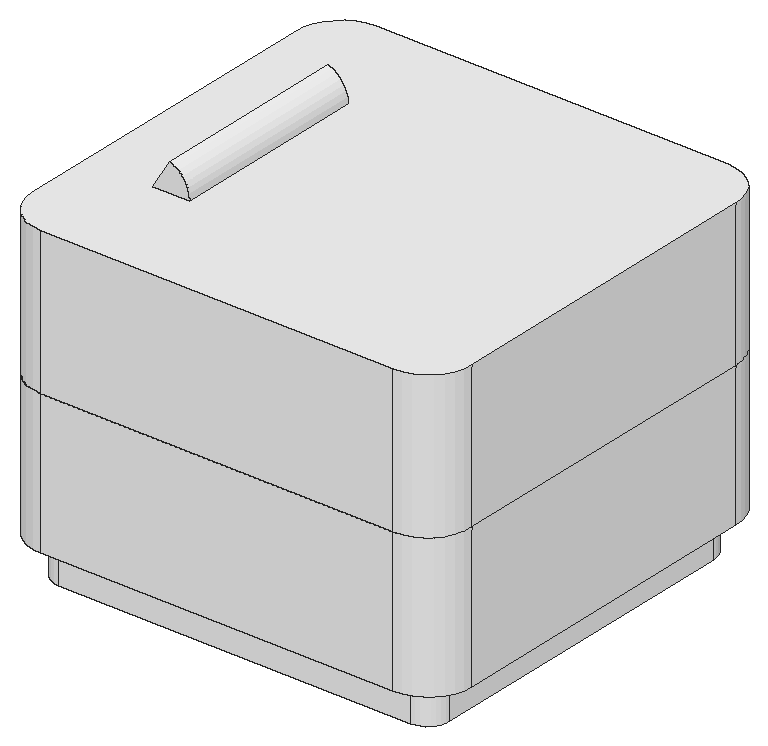
Revit family "Gira_044530", category Electrical Fixtures, host Face, Revit 2017
Family settings
  Host = Face
  Maintain Annotation Orientation = Yes
  Round Connector Dimension = Use Diameter
  Part Type = Normal
  Cut with Voids When Loaded = No
  Shared = No
  Room Calculation Point = No
Parameters (values of type "SCHUKO HC GN + in.sp. WP surface-mounted green")
  URL = "http://katalog.gira.de/en/datenblatt.html?artikelnr=044530"
  Transparent = "No"
  Name = "SCHUKO HC GN + in.sp. WP surface-mounted green"
  Model = "Protective contact (SCHUKO)"
  Manufacturer URL = "https://www.gira.de/"
  Manufacturer = "Gira"
  Keynote = ""
  HeinzeBIM = "https://bimportal.heinze.de/bim/schuko-hc-gn-in-sp-wp-surface-mounted-green/b266892a0027145a8d8e72ce9888c2292b04a8cd"
  HAN = "044530"
  GTIN = "4010337445302"
  Description = "SCHUKO HC GN in.sp. WP SM GN,SCHUKO socket outlet 16 A 250 V~,with green hinged cover and inscription space,green,Notes :,- The bases of the SCHUKO socket outlets are marked with the respective colour."
  Default Elevation = 1219.2 mm
  Data sheet (1) = "https://katalog.gira.de/en/download.html?artikelnr=044530"
  Category = "Socket outlet"
  BIM (1) = "https://media.stage.bim.site/public/gira/36a6b08/IP44_Komplettgerät_Steckdose.rfa?public/gira/36a6b08/IP44_Komplettgerät_Steckdose.rfa"
  Available = "No"
Reference planes
  plane 1 "Center (Front/Back)": y = 0
  plane 2: z = 0
  plane 3 "Center (Left/Right)": x = 0
Forms (mm)
  Extrusion 1, solid, material "White", detail levels fine
    sketch origin (41, 0, 0) x (1, 0, 0) y (0, 1, 0)
      loop
        line (-9, 38) -> (-73, 38)
        arc (-73, 38) -> (-78.657, 35.657) -> (-81, 30) r 8
        line (-81, 30) -> (-81, -30)
        arc (-81, -30) -> (-78.657, -35.657) -> (-73, -38) r 8
        line (-73, -38) -> (-9, -38)
        arc (-9, -38) -> (-3.343, -35.657) -> (-1, -30) r 8
        line (-1, -30) -> (-1, 30)
        arc (-1, 30) -> (-3.343, 35.657) -> (-9, 38) r 8
    from 0 to 26
  Extrusion 2, solid, material "White", detail levels fine
    sketch origin (41, 0, 0) x (1, 0, 0) y (0, 1, 0)
      loop
        line (-9, 38) -> (-73, 38)
        arc (-73, 38) -> (-78.657, 35.657) -> (-81, 30) r 8
        line (-81, 30) -> (-81, -30)
        arc (-81, -30) -> (-78.657, -35.657) -> (-73, -38) r 8
        line (-73, -38) -> (-9, -38)
        arc (-9, -38) -> (-3.343, -35.657) -> (-1, -30) r 8
        line (-1, -30) -> (-1, 30)
        arc (-1, 30) -> (-3.343, 35.657) -> (-9, 38) r 8
    from 26 to 52.5
  Extrusion 3, solid, material "White", detail levels fine
    sketch origin (41, 0, 0) x (1, 0, 0) y (0, 0, 1)
      loop
        line (-68.7, 52.5) -> (-62.067, 52.5)
        arc (-62.067, 52.5) -> (-63.019, 55.628) -> (-65.7, 57.5) r 5
        line (-65.7, 57.5) -> (-68.7, 52.5)
    from 18 to -18
  Extrusion 4, solid, material "White", detail levels medium
    sketch origin (41, -5.734, 0) x (1, 0, 0) y (0, 1, 0)
      loop
        line (-9, 43.734) -> (-73, 43.734)
        arc (-73, 43.734) -> (-78.657, 41.391) -> (-81, 35.734) r 8
        line (-81, 35.734) -> (-81, -24.266)
        arc (-81, -24.266) -> (-78.657, -29.923) -> (-73, -32.266) r 8
        line (-73, -32.266) -> (-9, -32.266)
        arc (-9, -32.266) -> (-3.343, -29.923) -> (-1, -24.266) r 8
        line (-1, -24.266) -> (-1, 35.734)
        arc (-1, 35.734) -> (-3.343, 41.391) -> (-9, 43.734) r 8
    from 0 to 52.5
  Extrusion 5, solid, material "White", detail levels medium
    sketch origin (41, 0, 0) x (1, 0, 0) y (0, 0, 1)
      loop
        line (-68.7, 57.5) -> (-68.7, 52.5) -> (-62.067, 52.5) -> (-62.067, 57.5) -> (-68.7, 57.5)
    from -18 to 18
  Extrusion 6, solid, material "White", detail levels coarse
    sketch origin (41, 0, 0) x (1, 0, 0) y (0, 1, 0)
      loop
        line (-1, 38) -> (-81, 38) -> (-81, -38) -> (-1, -38) -> (-1, 38)
    from -7 to 57.5
  Extrusion 7, solid, material "White", detail levels medium+fine
    sketch origin (41, 0, 0) x (1, 0, 0) y (0, 1, 0)
      loop
        line (-9, 34) -> (-73, 34)
        arc (-73, 34) -> (-75.828, 32.828) -> (-77, 30) r 4
        line (-77, 30) -> (-77, -30)
        arc (-77, -30) -> (-75.828, -32.828) -> (-73, -34) r 4
        line (-73, -34) -> (-9, -34)
        arc (-9, -34) -> (-6.172, -32.828) -> (-5, -30) r 4
        line (-5, -30) -> (-5, 30)
        arc (-5, 30) -> (-6.172, 32.828) -> (-9, 34) r 4
    from 0 to -7
Dimensions and locks
  Extrusion 6 to plane 3 "Center (Left/Right)" to Extrusion 6 = 40 mm, 40 mm
  aligned and locked: plane 2 to host face
  aligned and locked: level to host face
  aligned and locked: plane 3 "Center (Left/Right)" to nested 1
  aligned and locked: plane 1 "Center (Front/Back)" to nested 1
Nested families
  nested 1: "Steckdose 1-fach Beschriftung" at (0, 0, 0), type "Steckdose 1-fach Beschriftung"
Connectors
  electrical at (0, 0, -7)
    settings: on Extrusion 7, index 1, voltage 220 V, apparent load 0 VA, apparent load phase1 0 VA, apparent load phase2 0 VA, apparent load phase3 0 VA, power factor 1, load classification "Other", number of poles 1, system type 31, power factor state 1, is connector primary yes, connector utility no, sub classification motor no, connector description ""
Definition of nested family "Steckdose 1-fach Beschriftung"
  Reference planes
    plane 1: y = 0
    plane 2: x = 0
  Lines and regions (mm)
    detail lines
      curve 1: line (0, 0, 0) -> (0, 2, 0)
      curve 3: line (0, 2, 0) -> (-1, 2, 0)
      curve 4: arc (1, 3, 0) -> (0, 2, 0) -> (-1, 3, 0) r 1
      curve 5: line (0, 2, 0) -> (1, 2, 0)
    reference lines
      curve 2: line (-0.485, 3, 0) -> (2.315, 3, 0)
  Dimensions and locks
    curve 1 to curve 1 = 2 mm
    plane 1 to curve 2 = 3 mm
    curve 3 to curve 3 = 1 mm
